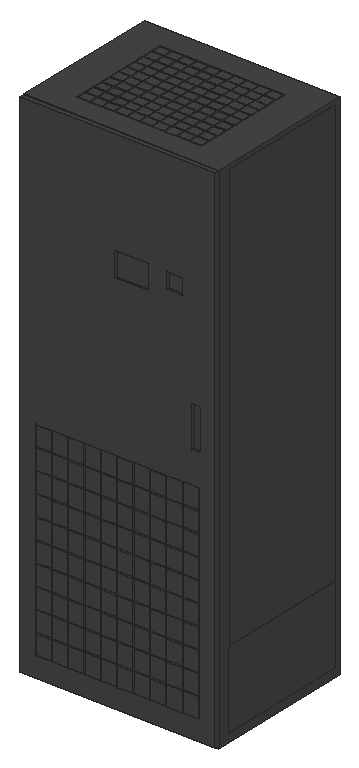
Revit family "OP 71-20", category Modelli generici, Revit 2017 (continued)
Lines and regions (mm)
  reference lines
    curve 434: line (695, -19, 1166) -> (695, -19, 1006)
    curve 435: line (660, -19, 1166) -> (695, -19, 1166)
    curve 436: line (660, -19, 1006) -> (660, -19, 1166)
    curve 437: line (494, -19, 1591) -> (494, -19, 1493)
    curve 438: line (363, -19, 1591) -> (494, -19, 1591)
    curve 439: line (363, -19, 1493) -> (363, -19, 1591)
    curve 440: line (494, -19, 1493) -> (363, -19, 1493)
    curve 441: line (60, -19, 885) -> (690, -19, 885)
    curve 442: line (690, -19, 885) -> (690, -19, 85)
    curve 443: line (690, -19, 85) -> (60, -19, 85)
    curve 444: line (60, -19, 85) -> (60, -19, 885)
    curve 445: line (62.5, -19, 882.5) -> (120.5, -19, 882.5)
    curve 446: line (120.5, -19, 882.5) -> (120.5, -19, 807.5)
    curve 447: line (120.5, -19, 807.5) -> (62.5, -19, 807.5)
    curve 448: line (62.5, -19, 807.5) -> (62.5, -19, 882.5)
    curve 449: line (125.5, -19, 882.5) -> (183.5, -19, 882.5)
    curve 450: line (183.5, -19, 882.5) -> (183.5, -19, 807.5)
    curve 451: line (183.5, -19, 807.5) -> (125.5, -19, 807.5)
    curve 452: line (125.5, -19, 807.5) -> (125.5, -19, 882.5)
    curve 453: line (188.5, -19, 882.5) -> (246.5, -19, 882.5)
    curve 454: line (246.5, -19, 882.5) -> (246.5, -19, 807.5)
    curve 455: line (246.5, -19, 807.5) -> (188.5, -19, 807.5)
    curve 456: line (188.5, -19, 807.5) -> (188.5, -19, 882.5)
    curve 457: line (251.5, -19, 882.5) -> (309.5, -19, 882.5)
    curve 458: line (309.5, -19, 882.5) -> (309.5, -19, 807.5)
    curve 459: line (309.5, -19, 807.5) -> (251.5, -19, 807.5)
    curve 460: line (251.5, -19, 807.5) -> (251.5, -19, 882.5)
    curve 461: line (314.5, -19, 882.5) -> (372.5, -19, 882.5)
    curve 462: line (372.5, -19, 882.5) -> (372.5, -19, 807.5)
    curve 463: line (372.5, -19, 807.5) -> (314.5, -19, 807.5)
    curve 464: line (314.5, -19, 807.5) -> (314.5, -19, 882.5)
    curve 465: line (377.5, -19, 882.5) -> (435.5, -19, 882.5)
    curve 466: line (435.5, -19, 882.5) -> (435.5, -19, 807.5)
    curve 467: line (435.5, -19, 807.5) -> (377.5, -19, 807.5)
    curve 468: line (377.5, -19, 807.5) -> (377.5, -19, 882.5)
    curve 469: line (440.5, -19, 882.5) -> (498.5, -19, 882.5)
    curve 470: line (498.5, -19, 882.5) -> (498.5, -19, 807.5)
    curve 471: line (498.5, -19, 807.5) -> (440.5, -19, 807.5)
    curve 472: line (440.5, -19, 807.5) -> (440.5, -19, 882.5)
    curve 473: line (503.5, -19, 882.5) -> (561.5, -19, 882.5)
    curve 474: line (561.5, -19, 882.5) -> (561.5, -19, 807.5)
    curve 475: line (561.5, -19, 807.5) -> (503.5, -19, 807.5)
    curve 476: line (503.5, -19, 807.5) -> (503.5, -19, 882.5)
    curve 477: line (566.5, -19, 882.5) -> (624.5, -19, 882.5)
    curve 478: line (624.5, -19, 882.5) -> (624.5, -19, 807.5)
    curve 479: line (624.5, -19, 807.5) -> (566.5, -19, 807.5)
    curve 480: line (566.5, -19, 807.5) -> (566.5, -19, 882.5)
    curve 481: line (629.5, -19, 882.5) -> (687.5, -19, 882.5)
    curve 482: line (687.5, -19, 882.5) -> (687.5, -19, 807.5)
    curve 483: line (687.5, -19, 807.5) -> (629.5, -19, 807.5)
    curve 484: line (629.5, -19, 807.5) -> (629.5, -19, 882.5)
    curve 485: line (62.5, -19, 802.5) -> (120.5, -19, 802.5)
    curve 486: line (120.5, -19, 802.5) -> (120.5, -19, 727.5)
    curve 487: line (120.5, -19, 727.5) -> (62.5, -19, 727.5)
    curve 488: line (62.5, -19, 727.5) -> (62.5, -19, 802.5)
    curve 489: line (125.5, -19, 802.5) -> (183.5, -19, 802.5)
    curve 490: line (183.5, -19, 802.5) -> (183.5, -19, 727.5)
    curve 491: line (183.5, -19, 727.5) -> (125.5, -19, 727.5)
    curve 492: line (125.5, -19, 727.5) -> (125.5, -19, 802.5)
    curve 493: line (188.5, -19, 802.5) -> (246.5, -19, 802.5)
    curve 494: line (246.5, -19, 802.5) -> (246.5, -19, 727.5)
    curve 495: line (246.5, -19, 727.5) -> (188.5, -19, 727.5)
    curve 496: line (188.5, -19, 727.5) -> (188.5, -19, 802.5)
    curve 497: line (251.5, -19, 802.5) -> (309.5, -19, 802.5)
    curve 498: line (309.5, -19, 802.5) -> (309.5, -19, 727.5)
    curve 499: line (309.5, -19, 727.5) -> (251.5, -19, 727.5)
    curve 500: line (251.5, -19, 727.5) -> (251.5, -19, 802.5)
    curve 501: line (314.5, -19, 802.5) -> (372.5, -19, 802.5)
    curve 502: line (372.5, -19, 802.5) -> (372.5, -19, 727.5)
    curve 503: line (372.5, -19, 727.5) -> (314.5, -19, 727.5)
    curve 504: line (314.5, -19, 727.5) -> (314.5, -19, 802.5)
    curve 505: line (377.5, -19, 802.5) -> (435.5, -19, 802.5)
    curve 506: line (435.5, -19, 802.5) -> (435.5, -19, 727.5)
    curve 507: line (435.5, -19, 727.5) -> (377.5, -19, 727.5)
    curve 508: line (377.5, -19, 727.5) -> (377.5, -19, 802.5)
    curve 509: line (440.5, -19, 802.5) -> (498.5, -19, 802.5)
    curve 510: line (498.5, -19, 802.5) -> (498.5, -19, 727.5)
    curve 511: line (498.5, -19, 727.5) -> (440.5, -19, 727.5)
    curve 512: line (440.5, -19, 727.5) -> (440.5, -19, 802.5)
    curve 513: line (503.5, -19, 802.5) -> (561.5, -19, 802.5)
    curve 514: line (561.5, -19, 802.5) -> (561.5, -19, 727.5)
    curve 515: line (561.5, -19, 727.5) -> (503.5, -19, 727.5)
    curve 516: line (503.5, -19, 727.5) -> (503.5, -19, 802.5)
    curve 517: line (566.5, -19, 802.5) -> (624.5, -19, 802.5)
    curve 518: line (624.5, -19, 802.5) -> (624.5, -19, 727.5)
    curve 519: line (624.5, -19, 727.5) -> (566.5, -19, 727.5)
    curve 520: line (566.5, -19, 727.5) -> (566.5, -19, 802.5)
    curve 521: line (629.5, -19, 802.5) -> (687.5, -19, 802.5)
    curve 522: line (687.5, -19, 802.5) -> (687.5, -19, 727.5)
    curve 523: line (687.5, -19, 727.5) -> (629.5, -19, 727.5)
    curve 524: line (629.5, -19, 727.5) -> (629.5, -19, 802.5)
    curve 525: line (62.5, -19, 722.5) -> (120.5, -19, 722.5)
    curve 526: line (120.5, -19, 722.5) -> (120.5, -19, 647.5)
    curve 527: line (120.5, -19, 647.5) -> (62.5, -19, 647.5)
    curve 528: line (62.5, -19, 647.5) -> (62.5, -19, 722.5)
    curve 529: line (125.5, -19, 722.5) -> (183.5, -19, 722.5)
    curve 530: line (183.5, -19, 722.5) -> (183.5, -19, 647.5)
    curve 531: line (183.5, -19, 647.5) -> (125.5, -19, 647.5)
    curve 532: line (125.5, -19, 647.5) -> (125.5, -19, 722.5)
    curve 533: line (188.5, -19, 722.5) -> (246.5, -19, 722.5)
    curve 534: line (246.5, -19, 722.5) -> (246.5, -19, 647.5)
    curve 535: line (246.5, -19, 647.5) -> (188.5, -19, 647.5)
    curve 536: line (188.5, -19, 647.5) -> (188.5, -19, 722.5)
    curve 537: line (251.5, -19, 722.5) -> (309.5, -19, 722.5)
    curve 538: line (309.5, -19, 722.5) -> (309.5, -19, 647.5)
    curve 539: line (309.5, -19, 647.5) -> (251.5, -19, 647.5)
    curve 540: line (251.5, -19, 647.5) -> (251.5, -19, 722.5)
    curve 541: line (314.5, -19, 722.5) -> (372.5, -19, 722.5)
    curve 542: line (372.5, -19, 722.5) -> (372.5, -19, 647.5)
    curve 543: line (372.5, -19, 647.5) -> (314.5, -19, 647.5)
    curve 544: line (314.5, -19, 647.5) -> (314.5, -19, 722.5)
    curve 545: line (377.5, -19, 722.5) -> (435.5, -19, 722.5)
    curve 546: line (435.5, -19, 722.5) -> (435.5, -19, 647.5)
    curve 547: line (435.5, -19, 647.5) -> (377.5, -19, 647.5)
    curve 548: line (377.5, -19, 647.5) -> (377.5, -19, 722.5)
    curve 549: line (440.5, -19, 722.5) -> (498.5, -19, 722.5)
    curve 550: line (498.5, -19, 722.5) -> (498.5, -19, 647.5)
    curve 551: line (498.5, -19, 647.5) -> (440.5, -19, 647.5)
    curve 552: line (440.5, -19, 647.5) -> (440.5, -19, 722.5)
    curve 553: line (503.5, -19, 722.5) -> (561.5, -19, 722.5)
    curve 554: line (561.5, -19, 722.5) -> (561.5, -19, 647.5)
    curve 555: line (561.5, -19, 647.5) -> (503.5, -19, 647.5)
    curve 556: line (503.5, -19, 647.5) -> (503.5, -19, 722.5)
    curve 557: line (566.5, -19, 722.5) -> (624.5, -19, 722.5)
    curve 558: line (624.5, -19, 722.5) -> (624.5, -19, 647.5)
    curve 559: line (624.5, -19, 647.5) -> (566.5, -19, 647.5)
    curve 560: line (566.5, -19, 647.5) -> (566.5, -19, 722.5)
    curve 561: line (629.5, -19, 722.5) -> (687.5, -19, 722.5)
    curve 562: line (687.5, -19, 722.5) -> (687.5, -19, 647.5)
    curve 563: line (687.5, -19, 647.5) -> (629.5, -19, 647.5)
    curve 564: line (629.5, -19, 647.5) -> (629.5, -19, 722.5)
    curve 565: line (62.5, -19, 642.5) -> (120.5, -19, 642.5)
    curve 566: line (120.5, -19, 642.5) -> (120.5, -19, 567.5)
    curve 567: line (120.5, -19, 567.5) -> (62.5, -19, 567.5)
    curve 568: line (62.5, -19, 567.5) -> (62.5, -19, 642.5)
    curve 569: line (125.5, -19, 642.5) -> (183.5, -19, 642.5)
    curve 570: line (183.5, -19, 642.5) -> (183.5, -19, 567.5)
    curve 571: line (183.5, -19, 567.5) -> (125.5, -19, 567.5)
    curve 572: line (125.5, -19, 567.5) -> (125.5, -19, 642.5)
    curve 573: line (188.5, -19, 642.5) -> (246.5, -19, 642.5)
    curve 574: line (246.5, -19, 642.5) -> (246.5, -19, 567.5)
    curve 575: line (246.5, -19, 567.5) -> (188.5, -19, 567.5)
    curve 576: line (188.5, -19, 567.5) -> (188.5, -19, 642.5)
    curve 577: line (251.5, -19, 642.5) -> (309.5, -19, 642.5)
    curve 578: line (309.5, -19, 642.5) -> (309.5, -19, 567.5)
    curve 579: line (309.5, -19, 567.5) -> (251.5, -19, 567.5)
    curve 580: line (251.5, -19, 567.5) -> (251.5, -19, 642.5)
    curve 581: line (314.5, -19, 642.5) -> (372.5, -19, 642.5)
    curve 582: line (372.5, -19, 642.5) -> (372.5, -19, 567.5)
    curve 583: line (372.5, -19, 567.5) -> (314.5, -19, 567.5)
    curve 584: line (314.5, -19, 567.5) -> (314.5, -19, 642.5)
    curve 585: line (377.5, -19, 642.5) -> (435.5, -19, 642.5)
    curve 586: line (435.5, -19, 642.5) -> (435.5, -19, 567.5)
    curve 587: line (435.5, -19, 567.5) -> (377.5, -19, 567.5)
    curve 588: line (377.5, -19, 567.5) -> (377.5, -19, 642.5)
    curve 589: line (440.5, -19, 642.5) -> (498.5, -19, 642.5)
    curve 590: line (498.5, -19, 642.5) -> (498.5, -19, 567.5)
    curve 591: line (498.5, -19, 567.5) -> (440.5, -19, 567.5)
    curve 592: line (440.5, -19, 567.5) -> (440.5, -19, 642.5)
    curve 593: line (503.5, -19, 642.5) -> (561.5, -19, 642.5)
    curve 594: line (561.5, -19, 642.5) -> (561.5, -19, 567.5)
    curve 595: line (561.5, -19, 567.5) -> (503.5, -19, 567.5)
    curve 596: line (503.5, -19, 567.5) -> (503.5, -19, 642.5)
    curve 597: line (566.5, -19, 642.5) -> (624.5, -19, 642.5)
    curve 598: line (624.5, -19, 642.5) -> (624.5, -19, 567.5)
    curve 599: line (624.5, -19, 567.5) -> (566.5, -19, 567.5)
    curve 600: line (566.5, -19, 567.5) -> (566.5, -19, 642.5)
    curve 601: line (629.5, -19, 642.5) -> (687.5, -19, 642.5)
    curve 602: line (687.5, -19, 642.5) -> (687.5, -19, 567.5)
    curve 603: line (687.5, -19, 567.5) -> (629.5, -19, 567.5)
    curve 604: line (629.5, -19, 567.5) -> (629.5, -19, 642.5)
    curve 605: line (62.5, -19, 562.5) -> (120.5, -19, 562.5)
    curve 606: line (120.5, -19, 562.5) -> (120.5, -19, 487.5)
    curve 607: line (120.5, -19, 487.5) -> (62.5, -19, 487.5)
    curve 608: line (62.5, -19, 487.5) -> (62.5, -19, 562.5)
    curve 609: line (125.5, -19, 562.5) -> (183.5, -19, 562.5)
    curve 610: line (183.5, -19, 562.5) -> (183.5, -19, 487.5)
    curve 611: line (183.5, -19, 487.5) -> (125.5, -19, 487.5)
    curve 612: line (125.5, -19, 487.5) -> (125.5, -19, 562.5)
    curve 613: line (188.5, -19, 562.5) -> (246.5, -19, 562.5)
    curve 614: line (246.5, -19, 562.5) -> (246.5, -19, 487.5)
    curve 615: line (246.5, -19, 487.5) -> (188.5, -19, 487.5)
    curve 616: line (188.5, -19, 487.5) -> (188.5, -19, 562.5)
    curve 617: line (251.5, -19, 562.5) -> (309.5, -19, 562.5)
    curve 618: line (309.5, -19, 562.5) -> (309.5, -19, 487.5)
    curve 619: line (309.5, -19, 487.5) -> (251.5, -19, 487.5)
    curve 620: line (251.5, -19, 487.5) -> (251.5, -19, 562.5)
    curve 621: line (314.5, -19, 562.5) -> (372.5, -19, 562.5)
    curve 622: line (372.5, -19, 562.5) -> (372.5, -19, 487.5)
    curve 623: line (372.5, -19, 487.5) -> (314.5, -19, 487.5)
    curve 624: line (314.5, -19, 487.5) -> (314.5, -19, 562.5)
    curve 625: line (377.5, -19, 562.5) -> (435.5, -19, 562.5)
    curve 626: line (435.5, -19, 562.5) -> (435.5, -19, 487.5)
    curve 627: line (435.5, -19, 487.5) -> (377.5, -19, 487.5)
    curve 628: line (377.5, -19, 487.5) -> (377.5, -19, 562.5)
    curve 629: line (440.5, -19, 562.5) -> (498.5, -19, 562.5)
    curve 630: line (498.5, -19, 562.5) -> (498.5, -19, 487.5)
    curve 631: line (498.5, -19, 487.5) -> (440.5, -19, 487.5)
    curve 632: line (440.5, -19, 487.5) -> (440.5, -19, 562.5)
    curve 633: line (503.5, -19, 562.5) -> (561.5, -19, 562.5)
    curve 634: line (561.5, -19, 562.5) -> (561.5, -19, 487.5)
    curve 635: line (561.5, -19, 487.5) -> (503.5, -19, 487.5)
    curve 636: line (503.5, -19, 487.5) -> (503.5, -19, 562.5)
    curve 637: line (566.5, -19, 562.5) -> (624.5, -19, 562.5)
    curve 638: line (624.5, -19, 562.5) -> (624.5, -19, 487.5)
    curve 639: line (624.5, -19, 487.5) -> (566.5, -19, 487.5)
    curve 640: line (566.5, -19, 487.5) -> (566.5, -19, 562.5)
    curve 641: line (629.5, -19, 562.5) -> (687.5, -19, 562.5)
    curve 642: line (687.5, -19, 562.5) -> (687.5, -19, 487.5)
    curve 643: line (687.5, -19, 487.5) -> (629.5, -19, 487.5)
    curve 644: line (629.5, -19, 487.5) -> (629.5, -19, 562.5)
    curve 645: line (62.5, -19, 482.5) -> (120.5, -19, 482.5)
    curve 646: line (120.5, -19, 482.5) -> (120.5, -19, 407.5)
    curve 647: line (120.5, -19, 407.5) -> (62.5, -19, 407.5)
    curve 648: line (62.5, -19, 407.5) -> (62.5, -19, 482.5)
    curve 649: line (125.5, -19, 482.5) -> (183.5, -19, 482.5)
    curve 650: line (183.5, -19, 482.5) -> (183.5, -19, 407.5)
    curve 651: line (183.5, -19, 407.5) -> (125.5, -19, 407.5)
    curve 652: line (125.5, -19, 407.5) -> (125.5, -19, 482.5)
    curve 653: line (188.5, -19, 482.5) -> (246.5, -19, 482.5)
    curve 654: line (246.5, -19, 482.5) -> (246.5, -19, 407.5)
    curve 655: line (246.5, -19, 407.5) -> (188.5, -19, 407.5)
    curve 656: line (188.5, -19, 407.5) -> (188.5, -19, 482.5)
    curve 657: line (251.5, -19, 482.5) -> (309.5, -19, 482.5)
    curve 658: line (309.5, -19, 482.5) -> (309.5, -19, 407.5)
    curve 659: line (309.5, -19, 407.5) -> (251.5, -19, 407.5)
    curve 660: line (251.5, -19, 407.5) -> (251.5, -19, 482.5)
    curve 661: line (314.5, -19, 482.5) -> (372.5, -19, 482.5)
    curve 662: line (372.5, -19, 482.5) -> (372.5, -19, 407.5)
    curve 663: line (372.5, -19, 407.5) -> (314.5, -19, 407.5)
    curve 664: line (314.5, -19, 407.5) -> (314.5, -19, 482.5)
    curve 665: line (377.5, -19, 482.5) -> (435.5, -19, 482.5)
    curve 666: line (435.5, -19, 482.5) -> (435.5, -19, 407.5)
    curve 667: line (435.5, -19, 407.5) -> (377.5, -19, 407.5)
    curve 668: line (377.5, -19, 407.5) -> (377.5, -19, 482.5)
    curve 669: line (440.5, -19, 482.5) -> (498.5, -19, 482.5)
    curve 670: line (498.5, -19, 482.5) -> (498.5, -19, 407.5)
    curve 671: line (498.5, -19, 407.5) -> (440.5, -19, 407.5)
    curve 672: line (440.5, -19, 407.5) -> (440.5, -19, 482.5)
    curve 673: line (503.5, -19, 482.5) -> (561.5, -19, 482.5)
    curve 674: line (561.5, -19, 482.5) -> (561.5, -19, 407.5)
    curve 675: line (561.5, -19, 407.5) -> (503.5, -19, 407.5)
    curve 676: line (503.5, -19, 407.5) -> (503.5, -19, 482.5)
    curve 677: line (566.5, -19, 482.5) -> (624.5, -19, 482.5)
    curve 678: line (624.5, -19, 482.5) -> (624.5, -19, 407.5)
    curve 679: line (624.5, -19, 407.5) -> (566.5, -19, 407.5)
    curve 680: line (566.5, -19, 407.5) -> (566.5, -19, 482.5)
    curve 681: line (629.5, -19, 482.5) -> (687.5, -19, 482.5)
    curve 682: line (687.5, -19, 482.5) -> (687.5, -19, 407.5)
    curve 683: line (687.5, -19, 407.5) -> (629.5, -19, 407.5)
    curve 684: line (629.5, -19, 407.5) -> (629.5, -19, 482.5)
    curve 685: line (62.5, -19, 402.5) -> (120.5, -19, 402.5)
    curve 686: line (120.5, -19, 402.5) -> (120.5, -19, 327.5)
    curve 687: line (120.5, -19, 327.5) -> (62.5, -19, 327.5)
    curve 688: line (62.5, -19, 327.5) -> (62.5, -19, 402.5)
    curve 689: line (125.5, -19, 402.5) -> (183.5, -19, 402.5)
    curve 690: line (183.5, -19, 402.5) -> (183.5, -19, 327.5)
    curve 691: line (183.5, -19, 327.5) -> (125.5, -19, 327.5)
    curve 692: line (125.5, -19, 327.5) -> (125.5, -19, 402.5)
    curve 693: line (188.5, -19, 402.5) -> (246.5, -19, 402.5)
    curve 694: line (246.5, -19, 402.5) -> (246.5, -19, 327.5)
    curve 695: line (246.5, -19, 327.5) -> (188.5, -19, 327.5)
    curve 696: line (188.5, -19, 327.5) -> (188.5, -19, 402.5)
    curve 697: line (251.5, -19, 402.5) -> (309.5, -19, 402.5)
    curve 698: line (309.5, -19, 402.5) -> (309.5, -19, 327.5)
    curve 699: line (309.5, -19, 327.5) -> (251.5, -19, 327.5)
    curve 700: line (251.5, -19, 327.5) -> (251.5, -19, 402.5)
    curve 701: line (314.5, -19, 402.5) -> (372.5, -19, 402.5)
    curve 702: line (372.5, -19, 402.5) -> (372.5, -19, 327.5)
    curve 703: line (372.5, -19, 327.5) -> (314.5, -19, 327.5)
    curve 704: line (314.5, -19, 327.5) -> (314.5, -19, 402.5)
    curve 705: line (377.5, -19, 402.5) -> (435.5, -19, 402.5)
    curve 706: line (435.5, -19, 402.5) -> (435.5, -19, 327.5)
    curve 707: line (435.5, -19, 327.5) -> (377.5, -19, 327.5)
    curve 708: line (377.5, -19, 327.5) -> (377.5, -19, 402.5)
    curve 709: line (440.5, -19, 402.5) -> (498.5, -19, 402.5)
    curve 710: line (498.5, -19, 402.5) -> (498.5, -19, 327.5)
    curve 711: line (498.5, -19, 327.5) -> (440.5, -19, 327.5)
    curve 712: line (440.5, -19, 327.5) -> (440.5, -19, 402.5)
    curve 713: line (503.5, -19, 402.5) -> (561.5, -19, 402.5)
    curve 714: line (561.5, -19, 402.5) -> (561.5, -19, 327.5)
    curve 715: line (561.5, -19, 327.5) -> (503.5, -19, 327.5)
    curve 716: line (503.5, -19, 327.5) -> (503.5, -19, 402.5)
    curve 717: line (566.5, -19, 402.5) -> (624.5, -19, 402.5)
    curve 718: line (624.5, -19, 402.5) -> (624.5, -19, 327.5)
    curve 719: line (624.5, -19, 327.5) -> (566.5, -19, 327.5)
    curve 720: line (566.5, -19, 327.5) -> (566.5, -19, 402.5)
    curve 721: line (629.5, -19, 402.5) -> (687.5, -19, 402.5)
    curve 722: line (687.5, -19, 402.5) -> (687.5, -19, 327.5)
    curve 723: line (687.5, -19, 327.5) -> (629.5, -19, 327.5)
    curve 724: line (629.5, -19, 327.5) -> (629.5, -19, 402.5)
    curve 725: line (62.5, -19, 322.5) -> (120.5, -19, 322.5)
    curve 726: line (120.5, -19, 322.5) -> (120.5, -19, 247.5)
    curve 727: line (120.5, -19, 247.5) -> (62.5, -19, 247.5)
    curve 728: line (62.5, -19, 247.5) -> (62.5, -19, 322.5)
    curve 729: line (125.5, -19, 322.5) -> (183.5, -19, 322.5)
    curve 730: line (183.5, -19, 322.5) -> (183.5, -19, 247.5)
    curve 731: line (183.5, -19, 247.5) -> (125.5, -19, 247.5)
    curve 732: line (125.5, -19, 247.5) -> (125.5, -19, 322.5)
    curve 733: line (188.5, -19, 322.5) -> (246.5, -19, 322.5)
    curve 734: line (246.5, -19, 322.5) -> (246.5, -19, 247.5)
    curve 735: line (246.5, -19, 247.5) -> (188.5, -19, 247.5)
    curve 736: line (188.5, -19, 247.5) -> (188.5, -19, 322.5)
    curve 737: line (251.5, -19, 322.5) -> (309.5, -19, 322.5)
    curve 738: line (309.5, -19, 322.5) -> (309.5, -19, 247.5)
    curve 739: line (309.5, -19, 247.5) -> (251.5, -19, 247.5)
    curve 740: line (251.5, -19, 247.5) -> (251.5, -19, 322.5)
    curve 741: line (314.5, -19, 322.5) -> (372.5, -19, 322.5)
    curve 742: line (372.5, -19, 322.5) -> (372.5, -19, 247.5)
    curve 743: line (372.5, -19, 247.5) -> (314.5, -19, 247.5)
    curve 744: line (314.5, -19, 247.5) -> (314.5, -19, 322.5)
    curve 745: line (377.5, -19, 322.5) -> (435.5, -19, 322.5)
    curve 746: line (435.5, -19, 322.5) -> (435.5, -19, 247.5)
    curve 747: line (435.5, -19, 247.5) -> (377.5, -19, 247.5)
    curve 748: line (377.5, -19, 247.5) -> (377.5, -19, 322.5)
    curve 749: line (440.5, -19, 322.5) -> (498.5, -19, 322.5)
    curve 750: line (498.5, -19, 322.5) -> (498.5, -19, 247.5)
    curve 751: line (498.5, -19, 247.5) -> (440.5, -19, 247.5)
    curve 752: line (440.5, -19, 247.5) -> (440.5, -19, 322.5)
    curve 753: line (503.5, -19, 322.5) -> (561.5, -19, 322.5)
    curve 754: line (561.5, -19, 322.5) -> (561.5, -19, 247.5)
    curve 755: line (561.5, -19, 247.5) -> (503.5, -19, 247.5)
    curve 756: line (503.5, -19, 247.5) -> (503.5, -19, 322.5)
    curve 757: line (566.5, -19, 322.5) -> (624.5, -19, 322.5)
    curve 758: line (624.5, -19, 322.5) -> (624.5, -19, 247.5)
    curve 759: line (624.5, -19, 247.5) -> (566.5, -19, 247.5)
    curve 760: line (566.5, -19, 247.5) -> (566.5, -19, 322.5)
    curve 761: line (629.5, -19, 322.5) -> (687.5, -19, 322.5)
    curve 762: line (687.5, -19, 322.5) -> (687.5, -19, 247.5)
    curve 763: line (687.5, -19, 247.5) -> (629.5, -19, 247.5)
    curve 764: line (629.5, -19, 247.5) -> (629.5, -19, 322.5)
    curve 765: line (62.5, -19, 242.5) -> (120.5, -19, 242.5)
    curve 766: line (120.5, -19, 242.5) -> (120.5, -19, 167.5)
    curve 767: line (120.5, -19, 167.5) -> (62.5, -19, 167.5)
    curve 768: line (62.5, -19, 167.5) -> (62.5, -19, 242.5)
    curve 769: line (125.5, -19, 242.5) -> (183.5, -19, 242.5)
    curve 770: line (183.5, -19, 242.5) -> (183.5, -19, 167.5)
    curve 771: line (183.5, -19, 167.5) -> (125.5, -19, 167.5)
    curve 772: line (125.5, -19, 167.5) -> (125.5, -19, 242.5)
    curve 773: line (188.5, -19, 242.5) -> (246.5, -19, 242.5)
    curve 774: line (246.5, -19, 242.5) -> (246.5, -19, 167.5)
    curve 775: line (246.5, -19, 167.5) -> (188.5, -19, 167.5)
    curve 776: line (188.5, -19, 167.5) -> (188.5, -19, 242.5)
    curve 777: line (251.5, -19, 242.5) -> (309.5, -19, 242.5)
    curve 778: line (309.5, -19, 242.5) -> (309.5, -19, 167.5)
    curve 779: line (309.5, -19, 167.5) -> (251.5, -19, 167.5)
    curve 780: line (251.5, -19, 167.5) -> (251.5, -19, 242.5)
    curve 781: line (314.5, -19, 242.5) -> (372.5, -19, 242.5)
    curve 782: line (372.5, -19, 242.5) -> (372.5, -19, 167.5)
    curve 783: line (372.5, -19, 167.5) -> (314.5, -19, 167.5)
    curve 784: line (314.5, -19, 167.5) -> (314.5, -19, 242.5)
    curve 785: line (377.5, -19, 242.5) -> (435.5, -19, 242.5)
    curve 786: line (435.5, -19, 242.5) -> (435.5, -19, 167.5)
    curve 787: line (435.5, -19, 167.5) -> (377.5, -19, 167.5)
    curve 788: line (377.5, -19, 167.5) -> (377.5, -19, 242.5)
    curve 789: line (440.5, -19, 242.5) -> (498.5, -19, 242.5)
    curve 790: line (498.5, -19, 242.5) -> (498.5, -19, 167.5)
    curve 791: line (498.5, -19, 167.5) -> (440.5, -19, 167.5)
    curve 792: line (440.5, -19, 167.5) -> (440.5, -19, 242.5)
    curve 793: line (503.5, -19, 242.5) -> (561.5, -19, 242.5)
    curve 794: line (561.5, -19, 242.5) -> (561.5, -19, 167.5)
    curve 795: line (561.5, -19, 167.5) -> (503.5, -19, 167.5)
    curve 796: line (503.5, -19, 167.5) -> (503.5, -19, 242.5)
    curve 797: line (566.5, -19, 242.5) -> (624.5, -19, 242.5)
    curve 798: line (624.5, -19, 242.5) -> (624.5, -19, 167.5)
    curve 799: line (624.5, -19, 167.5) -> (566.5, -19, 167.5)
    curve 800: line (566.5, -19, 167.5) -> (566.5, -19, 242.5)
    curve 801: line (629.5, -19, 242.5) -> (687.5, -19, 242.5)
    curve 802: line (687.5, -19, 242.5) -> (687.5, -19, 167.5)
    curve 803: line (687.5, -19, 167.5) -> (629.5, -19, 167.5)
    curve 804: line (629.5, -19, 167.5) -> (629.5, -19, 242.5)
    curve 805: line (62.5, -19, 162.5) -> (120.5, -19, 162.5)
    curve 806: line (120.5, -19, 162.5) -> (120.5, -19, 87.5)
    curve 807: line (120.5, -19, 87.5) -> (62.5, -19, 87.5)
    curve 808: line (62.5, -19, 87.5) -> (62.5, -19, 162.5)
    curve 809: line (125.5, -19, 162.5) -> (183.5, -19, 162.5)
    curve 810: line (183.5, -19, 162.5) -> (183.5, -19, 87.5)
    curve 811: line (183.5, -19, 87.5) -> (125.5, -19, 87.5)
    curve 812: line (125.5, -19, 87.5) -> (125.5, -19, 162.5)
    curve 813: line (188.5, -19, 162.5) -> (246.5, -19, 162.5)
    curve 814: line (246.5, -19, 162.5) -> (246.5, -19, 87.5)
    curve 815: line (246.5, -19, 87.5) -> (188.5, -19, 87.5)
    curve 816: line (188.5, -19, 87.5) -> (188.5, -19, 162.5)
    curve 817: line (251.5, -19, 162.5) -> (309.5, -19, 162.5)
    curve 818: line (309.5, -19, 162.5) -> (309.5, -19, 87.5)
    curve 819: line (309.5, -19, 87.5) -> (251.5, -19, 87.5)
    curve 820: line (251.5, -19, 87.5) -> (251.5, -19, 162.5)
    curve 821: line (314.5, -19, 162.5) -> (372.5, -19, 162.5)
    curve 822: line (372.5, -19, 162.5) -> (372.5, -19, 87.5)
    curve 823: line (372.5, -19, 87.5) -> (314.5, -19, 87.5)
    curve 824: line (314.5, -19, 87.5) -> (314.5, -19, 162.5)
    curve 825: line (377.5, -19, 162.5) -> (435.5, -19, 162.5)
    curve 826: line (435.5, -19, 162.5) -> (435.5, -19, 87.5)
    curve 827: line (435.5, -19, 87.5) -> (377.5, -19, 87.5)
    curve 828: line (377.5, -19, 87.5) -> (377.5, -19, 162.5)
    curve 829: line (440.5, -19, 162.5) -> (498.5, -19, 162.5)
    curve 830: line (498.5, -19, 162.5) -> (498.5, -19, 87.5)
    curve 831: line (498.5, -19, 87.5) -> (440.5, -19, 87.5)
    curve 832: line (440.5, -19, 87.5) -> (440.5, -19, 162.5)
    curve 833: line (503.5, -19, 162.5) -> (561.5, -19, 162.5)
    curve 834: line (561.5, -19, 162.5) -> (561.5, -19, 87.5)
    curve 835: line (561.5, -19, 87.5) -> (503.5, -19, 87.5)
    curve 836: line (503.5, -19, 87.5) -> (503.5, -19, 162.5)
    curve 837: line (566.5, -19, 162.5) -> (624.5, -19, 162.5)
    curve 838: line (624.5, -19, 162.5) -> (624.5, -19, 87.5)
    curve 839: line (624.5, -19, 87.5) -> (566.5, -19, 87.5)
    curve 840: line (566.5, -19, 87.5) -> (566.5, -19, 162.5)
    curve 841: line (629.5, -19, 162.5) -> (687.5, -19, 162.5)
    curve 842: line (687.5, -19, 162.5) -> (687.5, -19, 87.5)
    curve 843: line (687.5, -19, 87.5) -> (629.5, -19, 87.5)
    curve 844: line (629.5, -19, 87.5) -> (629.5, -19, 162.5)
Dimensions and locks
  "d2": plane 4 to plane 5
  aligned and locked: level to plane 2
  aligned and locked: Extrusion 1 to plane 5
  aligned and locked: Extrusion 1 to plane 4
  aligned and locked: Extrusion 1 sketch curve to curve 1
  aligned and locked: Extrusion 1 sketch curve to curve 2
  aligned and locked: Extrusion 1 sketch curve to curve 3
  aligned and locked: Extrusion 1 sketch curve to curve 4
  aligned and locked: Extrusion 2 sketch curve to curve 5
  aligned and locked: Extrusion 2 sketch curve to curve 6
  aligned and locked: curve 7 to Extrusion 2 sketch curve
  aligned and locked: Extrusion 2 sketch curve to curve 8
  aligned and locked: curve 9 to Extrusion 3 sketch curve
  aligned and locked: Extrusion 3 sketch curve to curve 10
  aligned and locked: Extrusion 3 sketch curve to curve 11
  aligned and locked: Extrusion 3 sketch curve to curve 12
  aligned and locked: Extrusion 4 sketch curve to curve 13
  aligned and locked: Extrusion 4 sketch curve to curve 14
  aligned and locked: Extrusion 4 sketch curve to curve 15
  aligned and locked: Extrusion 4 sketch curve to curve 16
  aligned and locked: Extrusion 4 sketch curve to curve 17
  aligned and locked: Extrusion 4 sketch curve to curve 18
  aligned and locked: Extrusion 4 sketch curve to curve 19
  aligned and locked: Extrusion 4 sketch curve to curve 20
  aligned and locked: Extrusion 4 sketch curve to curve 21
  aligned and locked: Extrusion 4 sketch curve to curve 22
  aligned and locked: Extrusion 4 sketch curve to curve 23
  aligned and locked: Extrusion 4 sketch curve to curve 24
  aligned and locked: Extrusion 5 sketch curve to curve 25
  aligned and locked: Extrusion 5 sketch curve to curve 26
  aligned and locked: Extrusion 5 sketch curve to curve 27
  aligned and locked: Extrusion 5 sketch curve to curve 28
  aligned and locked: Extrusion 5 sketch curve to curve 29
  aligned and locked: Extrusion 5 sketch curve to curve 30
  aligned and locked: Extrusion 5 sketch curve to curve 31
  aligned and locked: Extrusion 5 sketch curve to curve 32
  aligned and locked: Extrusion 5 sketch curve to curve 33
  aligned and locked: Extrusion 5 sketch curve to curve 34
  aligned and locked: Extrusion 5 sketch curve to curve 35
  aligned and locked: Extrusion 5 sketch curve to curve 36
  aligned and locked: Extrusion 5 sketch curve to curve 37
  aligned and locked: Extrusion 5 sketch curve to curve 38
  aligned and locked: Extrusion 5 sketch curve to curve 39
  aligned and locked: Extrusion 5 sketch curve to curve 40
  aligned and locked: Extrusion 5 sketch curve to curve 41
  aligned and locked: Extrusion 5 sketch curve to curve 42
  aligned and locked: Extrusion 5 sketch curve to curve 43
  aligned and locked: Extrusion 5 sketch curve to curve 44
  aligned and locked: Extrusion 5 sketch curve to curve 45
  aligned and locked: Extrusion 5 sketch curve to curve 46
  aligned and locked: Extrusion 5 sketch curve to curve 47
  aligned and locked: Extrusion 5 sketch curve to curve 48
  aligned and locked: Extrusion 5 sketch curve to curve 49
  aligned and locked: Extrusion 5 sketch curve to curve 50
  aligned and locked: Extrusion 5 sketch curve to curve 51
  aligned and locked: Extrusion 5 sketch curve to curve 52
  aligned and locked: Extrusion 5 sketch curve to curve 53
  aligned and locked: Extrusion 5 sketch curve to curve 54
  aligned and locked: Extrusion 5 sketch curve to curve 55
  aligned and locked: Extrusion 5 sketch curve to curve 56
  aligned and locked: Extrusion 5 sketch curve to curve 57
  aligned and locked: Extrusion 5 sketch curve to curve 58
  aligned and locked: Extrusion 5 sketch curve to curve 59
  aligned and locked: Extrusion 5 sketch curve to curve 60
  aligned and locked: Extrusion 5 sketch curve to curve 61
  aligned and locked: Extrusion 5 sketch curve to curve 62
  aligned and locked: Extrusion 5 sketch curve to curve 63
  aligned and locked: Extrusion 5 sketch curve to curve 64
  aligned and locked: Extrusion 5 sketch curve to curve 65
  aligned and locked: Extrusion 5 sketch curve to curve 66
  aligned and locked: Extrusion 5 sketch curve to curve 67
  aligned and locked: Extrusion 5 sketch curve to curve 68
  aligned and locked: Extrusion 5 sketch curve to curve 69
  aligned and locked: Extrusion 5 sketch curve to curve 70
  aligned and locked: Extrusion 5 sketch curve to curve 71
  aligned and locked: Extrusion 5 sketch curve to curve 72
  aligned and locked: Extrusion 5 sketch curve to curve 73
  aligned and locked: Extrusion 5 sketch curve to curve 74
  aligned and locked: Extrusion 5 sketch curve to curve 75
  aligned and locked: Extrusion 5 sketch curve to curve 76
  aligned and locked: Extrusion 5 sketch curve to curve 77
  aligned and locked: Extrusion 5 sketch curve to curve 78
  aligned and locked: Extrusion 5 sketch curve to curve 79
  aligned and locked: Extrusion 5 sketch curve to curve 80
  aligned and locked: Extrusion 5 sketch curve to curve 81
  aligned and locked: Extrusion 5 sketch curve to curve 82
  aligned and locked: Extrusion 5 sketch curve to curve 83
  aligned and locked: Extrusion 5 sketch curve to curve 84
  aligned and locked: Extrusion 5 sketch curve to curve 85
  aligned and locked: Extrusion 5 sketch curve to curve 86
  aligned and locked: Extrusion 5 sketch curve to curve 87
  aligned and locked: Extrusion 5 sketch curve to curve 88
  aligned and locked: Extrusion 5 sketch curve to curve 89
  aligned and locked: Extrusion 5 sketch curve to curve 90
  aligned and locked: Extrusion 5 sketch curve to curve 91
  aligned and locked: Extrusion 5 sketch curve to curve 92
  aligned and locked: Extrusion 5 sketch curve to curve 93
  aligned and locked: Extrusion 5 sketch curve to curve 94
  aligned and locked: Extrusion 5 sketch curve to curve 95
  aligned and locked: Extrusion 5 sketch curve to curve 96
  aligned and locked: Extrusion 5 sketch curve to curve 97
  aligned and locked: Extrusion 5 sketch curve to curve 98
  aligned and locked: Extrusion 5 sketch curve to curve 99
  aligned and locked: Extrusion 5 sketch curve to curve 100
  aligned and locked: Extrusion 5 sketch curve to curve 101
  aligned and locked: Extrusion 5 sketch curve to curve 102
  aligned and locked: Extrusion 5 sketch curve to curve 103
  aligned and locked: Extrusion 5 sketch curve to curve 104
  aligned and locked: Extrusion 5 sketch curve to curve 105
  aligned and locked: Extrusion 5 sketch curve to curve 106
  aligned and locked: Extrusion 5 sketch curve to curve 107
  aligned and locked: Extrusion 5 sketch curve to curve 108
  aligned and locked: Extrusion 5 sketch curve to curve 109
  aligned and locked: Extrusion 5 sketch curve to curve 110
  aligned and locked: Extrusion 5 sketch curve to curve 111
  aligned and locked: Extrusion 5 sketch curve to curve 112
  aligned and locked: Extrusion 5 sketch curve to curve 113
  aligned and locked: Extrusion 5 sketch curve to curve 114
  aligned and locked: Extrusion 5 sketch curve to curve 115
  aligned and locked: Extrusion 5 sketch curve to curve 116
  aligned and locked: Extrusion 5 sketch curve to curve 117
  aligned and locked: Extrusion 5 sketch curve to curve 118
  aligned and locked: Extrusion 5 sketch curve to curve 119
  aligned and locked: Extrusion 5 sketch curve to curve 120
  aligned and locked: Extrusion 5 sketch curve to curve 121
  aligned and locked: Extrusion 5 sketch curve to curve 122
  aligned and locked: Extrusion 5 sketch curve to curve 123
  aligned and locked: Extrusion 5 sketch curve to curve 124
  aligned and locked: Extrusion 5 sketch curve to curve 125
  aligned and locked: Extrusion 5 sketch curve to curve 126
  aligned and locked: Extrusion 5 sketch curve to curve 127
  aligned and locked: Extrusion 5 sketch curve to curve 128
  aligned and locked: Extrusion 5 sketch curve to curve 129
  aligned and locked: Extrusion 5 sketch curve to curve 130
  aligned and locked: Extrusion 5 sketch curve to curve 131
  aligned and locked: Extrusion 5 sketch curve to curve 132
  aligned and locked: Extrusion 5 sketch curve to curve 133
  aligned and locked: Extrusion 5 sketch curve to curve 134
  aligned and locked: Extrusion 5 sketch curve to curve 135
  aligned and locked: Extrusion 5 sketch curve to curve 136
  aligned and locked: Extrusion 5 sketch curve to curve 137
  aligned and locked: Extrusion 5 sketch curve to curve 138
  aligned and locked: Extrusion 5 sketch curve to curve 139
  aligned and locked: Extrusion 5 sketch curve to curve 140
  aligned and locked: Extrusion 5 sketch curve to curve 141
  aligned and locked: Extrusion 5 sketch curve to curve 142
  aligned and locked: Extrusion 5 sketch curve to curve 143
  aligned and locked: Extrusion 5 sketch curve to curve 144
  aligned and locked: Extrusion 5 sketch curve to curve 145
  aligned and locked: Extrusion 5 sketch curve to curve 146
  aligned and locked: Extrusion 5 sketch curve to curve 147
  aligned and locked: Extrusion 5 sketch curve to curve 148
  aligned and locked: Extrusion 5 sketch curve to curve 149
  aligned and locked: Extrusion 5 sketch curve to curve 150
  aligned and locked: Extrusion 5 sketch curve to curve 151
  aligned and locked: Extrusion 5 sketch curve to curve 152
  aligned and locked: Extrusion 5 sketch curve to curve 153
  aligned and locked: Extrusion 5 sketch curve to curve 154
  aligned and locked: Extrusion 5 sketch curve to curve 155
  aligned and locked: Extrusion 5 sketch curve to curve 156
  aligned and locked: Extrusion 5 sketch curve to curve 157
  aligned and locked: Extrusion 5 sketch curve to curve 158
  aligned and locked: Extrusion 5 sketch curve to curve 159
  aligned and locked: Extrusion 5 sketch curve to curve 160
  aligned and locked: Extrusion 5 sketch curve to curve 161
  aligned and locked: Extrusion 5 sketch curve to curve 162
  aligned and locked: Extrusion 5 sketch curve to curve 163
  aligned and locked: Extrusion 5 sketch curve to curve 164
  aligned and locked: Extrusion 5 sketch curve to curve 165
  aligned and locked: Extrusion 5 sketch curve to curve 166
  aligned and locked: Extrusion 5 sketch curve to curve 167
  aligned and locked: Extrusion 5 sketch curve to curve 168
  aligned and locked: Extrusion 5 sketch curve to curve 169
  aligned and locked: Extrusion 5 sketch curve to curve 170
  aligned and locked: Extrusion 5 sketch curve to curve 171
  aligned and locked: Extrusion 5 sketch curve to curve 172
  aligned and locked: Extrusion 5 sketch curve to curve 173
  aligned and locked: Extrusion 5 sketch curve to curve 174
  aligned and locked: Extrusion 5 sketch curve to curve 175
  aligned and locked: Extrusion 5 sketch curve to curve 176
  aligned and locked: Extrusion 5 sketch curve to curve 177
  aligned and locked: Extrusion 5 sketch curve to curve 178
  aligned and locked: Extrusion 5 sketch curve to curve 179
  aligned and locked: Extrusion 5 sketch curve to curve 180
  aligned and locked: Extrusion 5 sketch curve to curve 181
  aligned and locked: Extrusion 5 sketch curve to curve 182
  aligned and locked: Extrusion 5 sketch curve to curve 183
  aligned and locked: Extrusion 5 sketch curve to curve 184
  aligned and locked: Extrusion 5 sketch curve to curve 185
  aligned and locked: Extrusion 5 sketch curve to curve 186
  aligned and locked: Extrusion 5 sketch curve to curve 187
  aligned and locked: Extrusion 5 sketch curve to curve 188
  aligned and locked: Extrusion 5 sketch curve to curve 189
  aligned and locked: Extrusion 5 sketch curve to curve 190
  aligned and locked: Extrusion 5 sketch curve to curve 191
  aligned and locked: Extrusion 5 sketch curve to curve 192
  aligned and locked: Extrusion 5 sketch curve to curve 193
  aligned and locked: Extrusion 5 sketch curve to curve 194
  aligned and locked: Extrusion 5 sketch curve to curve 195
  aligned and locked: Extrusion 5 sketch curve to curve 196
  aligned and locked: Extrusion 5 sketch curve to curve 197
  aligned and locked: Extrusion 5 sketch curve to curve 198
  aligned and locked: Extrusion 5 sketch curve to curve 199
  aligned and locked: Extrusion 5 sketch curve to curve 200
  aligned and locked: Extrusion 5 sketch curve to curve 201
  aligned and locked: Extrusion 5 sketch curve to curve 202
  aligned and locked: Extrusion 5 sketch curve to curve 203
  aligned and locked: Extrusion 5 sketch curve to curve 204
  aligned and locked: Extrusion 5 sketch curve to curve 205
  aligned and locked: Extrusion 5 sketch curve to curve 206
  aligned and locked: Extrusion 5 sketch curve to curve 207
  aligned and locked: Extrusion 5 sketch curve to curve 208
  aligned and locked: Extrusion 5 sketch curve to curve 209
  aligned and locked: Extrusion 5 sketch curve to curve 210
  aligned and locked: Extrusion 5 sketch curve to curve 211
  aligned and locked: Extrusion 5 sketch curve to curve 212
  aligned and locked: Extrusion 5 sketch curve to curve 213
  aligned and locked: Extrusion 5 sketch curve to curve 214
  aligned and locked: Extrusion 5 sketch curve to curve 215
  aligned and locked: Extrusion 5 sketch curve to curve 216
  aligned and locked: Extrusion 5 sketch curve to curve 217
  aligned and locked: Extrusion 5 sketch curve to curve 218
  aligned and locked: Extrusion 5 sketch curve to curve 219
  aligned and locked: Extrusion 5 sketch curve to curve 220
  aligned and locked: Extrusion 5 sketch curve to curve 221
  aligned and locked: Extrusion 5 sketch curve to curve 222
  aligned and locked: Extrusion 5 sketch curve to curve 223
  aligned and locked: Extrusion 5 sketch curve to curve 224
  aligned and locked: Extrusion 5 sketch curve to curve 225
  aligned and locked: Extrusion 5 sketch curve to curve 226
  aligned and locked: Extrusion 5 sketch curve to curve 227
  aligned and locked: Extrusion 5 sketch curve to curve 228
  aligned and locked: Extrusion 5 sketch curve to curve 229
  aligned and locked: Extrusion 5 sketch curve to curve 230
  aligned and locked: Extrusion 5 sketch curve to curve 231
  aligned and locked: Extrusion 5 sketch curve to curve 232
  aligned and locked: Extrusion 5 sketch curve to curve 233
  aligned and locked: Extrusion 5 sketch curve to curve 234
  aligned and locked: Extrusion 5 sketch curve to curve 235
  aligned and locked: Extrusion 5 sketch curve to curve 236
  aligned and locked: Extrusion 5 sketch curve to curve 237
  aligned and locked: Extrusion 5 sketch curve to curve 238
  aligned and locked: Extrusion 5 sketch curve to curve 239
  aligned and locked: Extrusion 5 sketch curve to curve 240
  aligned and locked: Extrusion 5 sketch curve to curve 241
  aligned and locked: Extrusion 5 sketch curve to curve 242
  aligned and locked: Extrusion 5 sketch curve to curve 243
  aligned and locked: Extrusion 5 sketch curve to curve 244
  aligned and locked: Extrusion 5 sketch curve to curve 245
  aligned and locked: Extrusion 5 sketch curve to curve 246
  aligned and locked: Extrusion 5 sketch curve to curve 247
  aligned and locked: Extrusion 5 sketch curve to curve 248
  aligned and locked: Extrusion 5 sketch curve to curve 249
  aligned and locked: Extrusion 5 sketch curve to curve 250
  aligned and locked: Extrusion 5 sketch curve to curve 251
  aligned and locked: Extrusion 5 sketch curve to curve 252
  aligned and locked: Extrusion 5 sketch curve to curve 253
  aligned and locked: Extrusion 5 sketch curve to curve 254
  aligned and locked: Extrusion 5 sketch curve to curve 255
  aligned and locked: Extrusion 5 sketch curve to curve 256
  aligned and locked: Extrusion 5 sketch curve to curve 257
  aligned and locked: Extrusion 5 sketch curve to curve 258
  aligned and locked: Extrusion 5 sketch curve to curve 259
  aligned and locked: Extrusion 5 sketch curve to curve 260
  aligned and locked: Extrusion 5 sketch curve to curve 261
  aligned and locked: Extrusion 5 sketch curve to curve 262
  aligned and locked: Extrusion 5 sketch curve to curve 263
  aligned and locked: Extrusion 5 sketch curve to curve 264
  aligned and locked: Extrusion 5 sketch curve to curve 265
  aligned and locked: Extrusion 5 sketch curve to curve 266
  aligned and locked: Extrusion 5 sketch curve to curve 267
  aligned and locked: Extrusion 5 sketch curve to curve 268
  aligned and locked: Extrusion 5 sketch curve to curve 269
  aligned and locked: Extrusion 5 sketch curve to curve 270
  aligned and locked: Extrusion 5 sketch curve to curve 271
  aligned and locked: Extrusion 5 sketch curve to curve 272
  aligned and locked: Extrusion 5 sketch curve to curve 273
  aligned and locked: Extrusion 5 sketch curve to curve 274
  aligned and locked: Extrusion 5 sketch curve to curve 275
  aligned and locked: Extrusion 5 sketch curve to curve 276
  aligned and locked: Extrusion 5 sketch curve to curve 277
  aligned and locked: Extrusion 5 sketch curve to curve 278
  aligned and locked: Extrusion 5 sketch curve to curve 279
  aligned and locked: Extrusion 5 sketch curve to curve 280
  aligned and locked: Extrusion 5 sketch curve to curve 281
  aligned and locked: Extrusion 5 sketch curve to curve 282
  aligned and locked: Extrusion 5 sketch curve to curve 283
  aligned and locked: Extrusion 5 sketch curve to curve 284
  aligned and locked: Extrusion 5 sketch curve to curve 285
  aligned and locked: Extrusion 5 sketch curve to curve 286
  aligned and locked: Extrusion 5 sketch curve to curve 287
  aligned and locked: Extrusion 5 sketch curve to curve 288
  aligned and locked: Extrusion 5 sketch curve to curve 289
  aligned and locked: Extrusion 5 sketch curve to curve 290
  aligned and locked: Extrusion 5 sketch curve to curve 291
  aligned and locked: Extrusion 5 sketch curve to curve 292
  aligned and locked: Extrusion 5 sketch curve to curve 293
  aligned and locked: Extrusion 5 sketch curve to curve 294
  aligned and locked: Extrusion 5 sketch curve to curve 295
  aligned and locked: Extrusion 5 sketch curve to curve 296
  aligned and locked: Extrusion 5 sketch curve to curve 297
  aligned and locked: Extrusion 5 sketch curve to curve 298
  aligned and locked: Extrusion 5 sketch curve to curve 299
  aligned and locked: Extrusion 5 sketch curve to curve 300
  aligned and locked: Extrusion 5 sketch curve to curve 301
  aligned and locked: Extrusion 5 sketch curve to curve 302
  aligned and locked: Extrusion 5 sketch curve to curve 303
  aligned and locked: Extrusion 5 sketch curve to curve 304
  aligned and locked: Extrusion 5 sketch curve to curve 305
  aligned and locked: Extrusion 5 sketch curve to curve 306
  aligned and locked: Extrusion 5 sketch curve to curve 307
  aligned and locked: Extrusion 5 sketch curve to curve 308
  aligned and locked: Extrusion 5 sketch curve to curve 309
  aligned and locked: Extrusion 5 sketch curve to curve 310
  aligned and locked: Extrusion 5 sketch curve to curve 311
  aligned and locked: Extrusion 5 sketch curve to curve 312
  aligned and locked: Extrusion 5 sketch curve to curve 313
  aligned and locked: Extrusion 5 sketch curve to curve 314
  aligned and locked: Extrusion 5 sketch curve to curve 315
  aligned and locked: Extrusion 5 sketch curve to curve 316
  aligned and locked: Extrusion 5 sketch curve to curve 317
  aligned and locked: Extrusion 5 sketch curve to curve 318
  aligned and locked: Extrusion 5 sketch curve to curve 319
  aligned and locked: Extrusion 5 sketch curve to curve 320
  aligned and locked: Extrusion 5 sketch curve to curve 321
  aligned and locked: Extrusion 5 sketch curve to curve 322
  aligned and locked: Extrusion 5 sketch curve to curve 323
  aligned and locked: Extrusion 5 sketch curve to curve 324
  aligned and locked: Extrusion 5 sketch curve to curve 325
  aligned and locked: Extrusion 5 sketch curve to curve 326
  aligned and locked: Extrusion 5 sketch curve to curve 327
  aligned and locked: Extrusion 5 sketch curve to curve 328
  aligned and locked: Extrusion 5 sketch curve to curve 329
  aligned and locked: Extrusion 5 sketch curve to curve 330
  aligned and locked: Extrusion 5 sketch curve to curve 331
  aligned and locked: Extrusion 5 sketch curve to curve 332
  aligned and locked: Extrusion 5 sketch curve to curve 333
  aligned and locked: Extrusion 5 sketch curve to curve 334
  aligned and locked: Extrusion 5 sketch curve to curve 335
  aligned and locked: Extrusion 5 sketch curve to curve 336
  aligned and locked: Extrusion 5 sketch curve to curve 337
  aligned and locked: Extrusion 5 sketch curve to curve 338
  aligned and locked: Extrusion 5 sketch curve to curve 339
  aligned and locked: Extrusion 5 sketch curve to curve 340
  aligned and locked: Extrusion 5 sketch curve to curve 341
  aligned and locked: Extrusion 5 sketch curve to curve 342
  aligned and locked: Extrusion 5 sketch curve to curve 343
  aligned and locked: Extrusion 5 sketch curve to curve 344
  aligned and locked: Extrusion 5 sketch curve to curve 345
  aligned and locked: Extrusion 5 sketch curve to curve 346
  aligned and locked: Extrusion 5 sketch curve to curve 347
  aligned and locked: Extrusion 5 sketch curve to curve 348
  aligned and locked: Extrusion 5 sketch curve to curve 349
  aligned and locked: Extrusion 5 sketch curve to curve 350
  aligned and locked: Extrusion 5 sketch curve to curve 351
  aligned and locked: Extrusion 5 sketch curve to curve 352
  aligned and locked: Extrusion 5 sketch curve to curve 353
  aligned and locked: Extrusion 5 sketch curve to curve 354
  aligned and locked: Extrusion 5 sketch curve to curve 355
  aligned and locked: Extrusion 5 sketch curve to curve 356
  aligned and locked: Extrusion 5 sketch curve to curve 357
  aligned and locked: Extrusion 5 sketch curve to curve 358
  aligned and locked: Extrusion 5 sketch curve to curve 359
  aligned and locked: Extrusion 5 sketch curve to curve 360
  aligned and locked: Extrusion 5 sketch curve to curve 361
  aligned and locked: Extrusion 5 sketch curve to curve 362
  aligned and locked: Extrusion 5 sketch curve to curve 363
  aligned and locked: Extrusion 5 sketch curve to curve 364
  aligned and locked: Extrusion 5 sketch curve to curve 365
  aligned and locked: Extrusion 5 sketch curve to curve 366
  aligned and locked: Extrusion 5 sketch curve to curve 367
  aligned and locked: Extrusion 5 sketch curve to curve 368
  aligned and locked: Extrusion 5 sketch curve to curve 369
  aligned and locked: Extrusion 5 sketch curve to curve 370
  aligned and locked: Extrusion 5 sketch curve to curve 371
  aligned and locked: Extrusion 5 sketch curve to curve 372
  aligned and locked: Extrusion 5 sketch curve to curve 373
  aligned and locked: Extrusion 5 sketch curve to curve 374
  aligned and locked: Extrusion 5 sketch curve to curve 375
  aligned and locked: Extrusion 5 sketch curve to curve 376
  aligned and locked: Extrusion 5 sketch curve to curve 377
  aligned and locked: Extrusion 5 sketch curve to curve 378
  aligned and locked: Extrusion 5 sketch curve to curve 379
  aligned and locked: Extrusion 5 sketch curve to curve 380
  aligned and locked: Extrusion 5 sketch curve to curve 381
  aligned and locked: Extrusion 5 sketch curve to curve 382
  aligned and locked: Extrusion 5 sketch curve to curve 383
  aligned and locked: Extrusion 5 sketch curve to curve 384
  aligned and locked: Extrusion 5 sketch curve to curve 385
  aligned and locked: Extrusion 5 sketch curve to curve 386
  aligned and locked: Extrusion 5 sketch curve to curve 387
  aligned and locked: Extrusion 5 sketch curve to curve 388
  aligned and locked: Extrusion 5 sketch curve to curve 389
  aligned and locked: Extrusion 5 sketch curve to curve 390
  aligned and locked: Extrusion 5 sketch curve to curve 391
  aligned and locked: Extrusion 5 sketch curve to curve 392
  aligned and locked: Extrusion 5 sketch curve to curve 393
  aligned and locked: Extrusion 5 sketch curve to curve 394
  aligned and locked: Extrusion 5 sketch curve to curve 395
  aligned and locked: Extrusion 5 sketch curve to curve 396
  aligned and locked: Extrusion 5 sketch curve to curve 397
  aligned and locked: Extrusion 5 sketch curve to curve 398
  aligned and locked: Extrusion 5 sketch curve to curve 399
  aligned and locked: Extrusion 5 sketch curve to curve 400
  aligned and locked: Extrusion 5 sketch curve to curve 401
  aligned and locked: Extrusion 5 sketch curve to curve 402
  aligned and locked: Extrusion 5 sketch curve to curve 403
  aligned and locked: Extrusion 5 sketch curve to curve 404
  aligned and locked: Extrusion 5 sketch curve to curve 405
  aligned and locked: Extrusion 5 sketch curve to curve 406
  aligned and locked: Extrusion 5 sketch curve to curve 407
  aligned and locked: Extrusion 5 sketch curve to curve 408
  aligned and locked: Extrusion 5 sketch curve to curve 409
  aligned and locked: Extrusion 5 sketch curve to curve 410
  aligned and locked: Extrusion 5 sketch curve to curve 411
  aligned and locked: Extrusion 5 sketch curve to curve 412
  aligned and locked: Extrusion 5 sketch curve to curve 413
  aligned and locked: Extrusion 5 sketch curve to curve 414
  aligned and locked: Extrusion 5 sketch curve to curve 415
  aligned and locked: Extrusion 5 sketch curve to curve 416
  aligned and locked: Extrusion 5 sketch curve to curve 417
  aligned and locked: Extrusion 5 sketch curve to curve 418
  aligned and locked: Extrusion 5 sketch curve to curve 419
  aligned and locked: Extrusion 5 sketch curve to curve 420
  aligned and locked: Extrusion 5 sketch curve to curve 421
  aligned and locked: Extrusion 5 sketch curve to curve 422
  aligned and locked: Extrusion 5 sketch curve to curve 423
  aligned and locked: Extrusion 5 sketch curve to curve 424
  aligned and locked: Extrusion 5 sketch curve to curve 425
  aligned and locked: Extrusion 5 sketch curve to curve 426
  aligned and locked: Extrusion 5 sketch curve to curve 427
  aligned and locked: Extrusion 5 sketch curve to curve 428
  aligned and locked: Extrusion 6 sketch curve to curve 429
  aligned and locked: Extrusion 6 sketch curve to curve 430
  aligned and locked: Extrusion 6 sketch curve to curve 431
  aligned and locked: Extrusion 6 sketch curve to curve 432
  aligned and locked: Extrusion 6 sketch curve to curve 433
  aligned and locked: Extrusion 6 sketch curve to curve 434
  aligned and locked: Extrusion 6 sketch curve to curve 435
  aligned and locked: Extrusion 6 sketch curve to curve 436
  aligned and locked: Extrusion 6 sketch curve to curve 437
  aligned and locked: Extrusion 6 sketch curve to curve 438
  aligned and locked: Extrusion 6 sketch curve to curve 439
  aligned and locked: Extrusion 6 sketch curve to curve 440
  aligned and locked: Extrusion 7 sketch curve to curve 441
  aligned and locked: Extrusion 7 sketch curve to curve 442
  aligned and locked: Extrusion 7 sketch curve to curve 443
  aligned and locked: Extrusion 7 sketch curve to curve 444
  aligned and locked: Extrusion 7 sketch curve to curve 445
  aligned and locked: Extrusion 7 sketch curve to curve 446
  aligned and locked: Extrusion 7 sketch curve to curve 447
  aligned and locked: Extrusion 7 sketch curve to curve 448
  aligned and locked: Extrusion 7 sketch curve to curve 449
  aligned and locked: Extrusion 7 sketch curve to curve 450
  aligned and locked: Extrusion 7 sketch curve to curve 451
  aligned and locked: Extrusion 7 sketch curve to curve 452
  aligned and locked: Extrusion 7 sketch curve to curve 453
  aligned and locked: Extrusion 7 sketch curve to curve 454
  aligned and locked: Extrusion 7 sketch curve to curve 455
  aligned and locked: Extrusion 7 sketch curve to curve 456
  aligned and locked: Extrusion 7 sketch curve to curve 457
  aligned and locked: Extrusion 7 sketch curve to curve 458
  aligned and locked: Extrusion 7 sketch curve to curve 459
  aligned and locked: Extrusion 7 sketch curve to curve 460
  aligned and locked: Extrusion 7 sketch curve to curve 461
  aligned and locked: Extrusion 7 sketch curve to curve 462
  aligned and locked: Extrusion 7 sketch curve to curve 463
  aligned and locked: Extrusion 7 sketch curve to curve 464
  aligned and locked: Extrusion 7 sketch curve to curve 465
  aligned and locked: Extrusion 7 sketch curve to curve 466
  aligned and locked: Extrusion 7 sketch curve to curve 467
  aligned and locked: Extrusion 7 sketch curve to curve 468
  aligned and locked: Extrusion 7 sketch curve to curve 469
  aligned and locked: Extrusion 7 sketch curve to curve 470
  aligned and locked: Extrusion 7 sketch curve to curve 471
  aligned and locked: Extrusion 7 sketch curve to curve 472
  aligned and locked: Extrusion 7 sketch curve to curve 473
  aligned and locked: Extrusion 7 sketch curve to curve 474
  aligned and locked: Extrusion 7 sketch curve to curve 475
  aligned and locked: Extrusion 7 sketch curve to curve 476
  aligned and locked: Extrusion 7 sketch curve to curve 477
  aligned and locked: Extrusion 7 sketch curve to curve 478
  aligned and locked: Extrusion 7 sketch curve to curve 479
  aligned and locked: Extrusion 7 sketch curve to curve 480
  aligned and locked: Extrusion 7 sketch curve to curve 481
  aligned and locked: Extrusion 7 sketch curve to curve 482
  aligned and locked: Extrusion 7 sketch curve to curve 483
  aligned and locked: Extrusion 7 sketch curve to curve 484
  aligned and locked: Extrusion 7 sketch curve to curve 485
  aligned and locked: Extrusion 7 sketch curve to curve 486
  aligned and locked: Extrusion 7 sketch curve to curve 487
  aligned and locked: Extrusion 7 sketch curve to curve 488
  aligned and locked: Extrusion 7 sketch curve to curve 489
  aligned and locked: Extrusion 7 sketch curve to curve 490
  aligned and locked: Extrusion 7 sketch curve to curve 491
  aligned and locked: Extrusion 7 sketch curve to curve 492
  aligned and locked: Extrusion 7 sketch curve to curve 493
  aligned and locked: Extrusion 7 sketch curve to curve 494
  aligned and locked: Extrusion 7 sketch curve to curve 495
  aligned and locked: Extrusion 7 sketch curve to curve 496
  aligned and locked: Extrusion 7 sketch curve to curve 497
  aligned and locked: Extrusion 7 sketch curve to curve 498
  aligned and locked: Extrusion 7 sketch curve to curve 499
  aligned and locked: Extrusion 7 sketch curve to curve 500
  aligned and locked: Extrusion 7 sketch curve to curve 501
  aligned and locked: Extrusion 7 sketch curve to curve 502
  aligned and locked: Extrusion 7 sketch curve to curve 503
  aligned and locked: Extrusion 7 sketch curve to curve 504
  aligned and locked: Extrusion 7 sketch curve to curve 505
  aligned and locked: Extrusion 7 sketch curve to curve 506
  aligned and locked: Extrusion 7 sketch curve to curve 507
  aligned and locked: Extrusion 7 sketch curve to curve 508
  aligned and locked: Extrusion 7 sketch curve to curve 509
  aligned and locked: Extrusion 7 sketch curve to curve 510
  aligned and locked: Extrusion 7 sketch curve to curve 511
  aligned and locked: Extrusion 7 sketch curve to curve 512
  aligned and locked: Extrusion 7 sketch curve to curve 513
  aligned and locked: Extrusion 7 sketch curve to curve 514
  aligned and locked: Extrusion 7 sketch curve to curve 515
  aligned and locked: Extrusion 7 sketch curve to curve 516
  aligned and locked: Extrusion 7 sketch curve to curve 517
  aligned and locked: Extrusion 7 sketch curve to curve 518
  aligned and locked: Extrusion 7 sketch curve to curve 519
  aligned and locked: Extrusion 7 sketch curve to curve 520
  aligned and locked: Extrusion 7 sketch curve to curve 521
  aligned and locked: Extrusion 7 sketch curve to curve 522
  aligned and locked: Extrusion 7 sketch curve to curve 523
  aligned and locked: Extrusion 7 sketch curve to curve 524
  aligned and locked: Extrusion 7 sketch curve to curve 525
  aligned and locked: Extrusion 7 sketch curve to curve 526
  aligned and locked: Extrusion 7 sketch curve to curve 527
  aligned and locked: Extrusion 7 sketch curve to curve 528
  aligned and locked: Extrusion 7 sketch curve to curve 529
  aligned and locked: Extrusion 7 sketch curve to curve 530
  aligned and locked: Extrusion 7 sketch curve to curve 531
  aligned and locked: Extrusion 7 sketch curve to curve 532
  aligned and locked: Extrusion 7 sketch curve to curve 533
  aligned and locked: Extrusion 7 sketch curve to curve 534
  aligned and locked: Extrusion 7 sketch curve to curve 535
  aligned and locked: Extrusion 7 sketch curve to curve 536
  aligned and locked: Extrusion 7 sketch curve to curve 537
  aligned and locked: Extrusion 7 sketch curve to curve 538
  aligned and locked: Extrusion 7 sketch curve to curve 539
  aligned and locked: Extrusion 7 sketch curve to curve 540
  aligned and locked: Extrusion 7 sketch curve to curve 541
  aligned and locked: Extrusion 7 sketch curve to curve 542
  aligned and locked: Extrusion 7 sketch curve to curve 543
  aligned and locked: Extrusion 7 sketch curve to curve 544
  aligned and locked: Extrusion 7 sketch curve to curve 545
  aligned and locked: Extrusion 7 sketch curve to curve 546
  aligned and locked: Extrusion 7 sketch curve to curve 547
  aligned and locked: Extrusion 7 sketch curve to curve 548
  aligned and locked: Extrusion 7 sketch curve to curve 549
  aligned and locked: Extrusion 7 sketch curve to curve 550
  aligned and locked: Extrusion 7 sketch curve to curve 551
  aligned and locked: Extrusion 7 sketch curve to curve 552
  aligned and locked: Extrusion 7 sketch curve to curve 553
  aligned and locked: Extrusion 7 sketch curve to curve 554
  aligned and locked: Extrusion 7 sketch curve to curve 555
  aligned and locked: Extrusion 7 sketch curve to curve 556
  aligned and locked: Extrusion 7 sketch curve to curve 557
  aligned and locked: Extrusion 7 sketch curve to curve 558
  aligned and locked: Extrusion 7 sketch curve to curve 559
  aligned and locked: Extrusion 7 sketch curve to curve 560
  aligned and locked: Extrusion 7 sketch curve to curve 561
  aligned and locked: Extrusion 7 sketch curve to curve 562
  aligned and locked: Extrusion 7 sketch curve to curve 563
  aligned and locked: Extrusion 7 sketch curve to curve 564
  aligned and locked: Extrusion 7 sketch curve to curve 565
  aligned and locked: Extrusion 7 sketch curve to curve 566
  aligned and locked: Extrusion 7 sketch curve to curve 567
  aligned and locked: Extrusion 7 sketch curve to curve 568
  aligned and locked: Extrusion 7 sketch curve to curve 569
  aligned and locked: Extrusion 7 sketch curve to curve 570
  aligned and locked: Extrusion 7 sketch curve to curve 571
  aligned and locked: Extrusion 7 sketch curve to curve 572
  aligned and locked: Extrusion 7 sketch curve to curve 573
  aligned and locked: Extrusion 7 sketch curve to curve 574
  aligned and locked: Extrusion 7 sketch curve to curve 575
  aligned and locked: Extrusion 7 sketch curve to curve 576
  aligned and locked: Extrusion 7 sketch curve to curve 577
  aligned and locked: Extrusion 7 sketch curve to curve 578
  aligned and locked: Extrusion 7 sketch curve to curve 579
  aligned and locked: Extrusion 7 sketch curve to curve 580
  aligned and locked: Extrusion 7 sketch curve to curve 581
  aligned and locked: Extrusion 7 sketch curve to curve 582
  aligned and locked: Extrusion 7 sketch curve to curve 583
